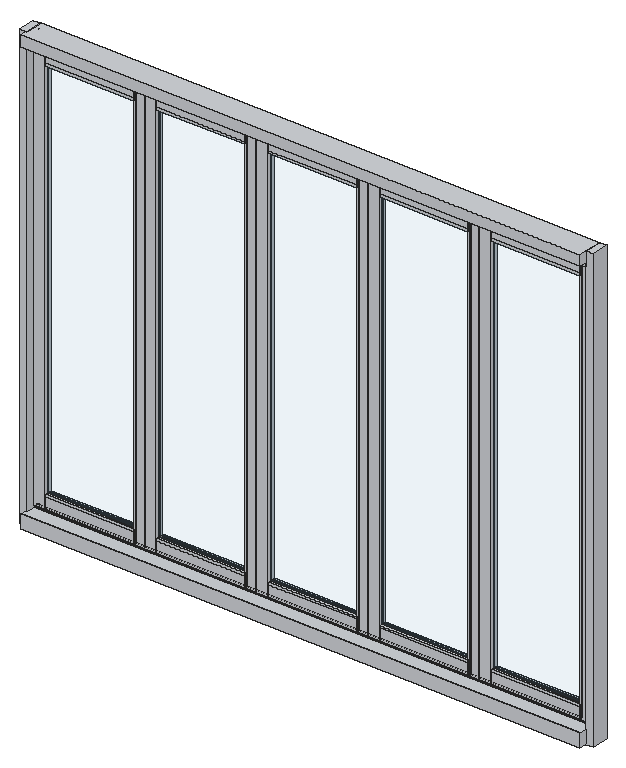
Revit family "MT-HB_BIFOLD DOOR_XXXXX", category Doors, host Wall, Revit 2017 (continued)
Definition of nested family "DETAIL_HB3_TRACK"
  Lines and regions (mm)
    detail lines, in view "Ref. Level"
      curve 66: line (57.173, -19.609, 0) -> (56.767, -20.188, 0)
      curve 67: line (56.767, -20.188, 0) -> (54.43, -20.6, 0)
      curve 68: line (54.43, -20.6, 0) -> (41.2, -20.6, 0)
      curve 69: line (39.2, -22.6, 0) -> (39.2, -60.597, 0)
      curve 70: line (53.6, -60.659, 0) -> (53.6, -59.1, 0)
      curve 71: line (54.6, -58.1, 0) -> (55.1, -58.1, 0)
      curve 72: line (56.1, -59.1, 0) -> (56.1, -64.3, 0)
      curve 73: line (55.1, -65.3, 0) -> (54.478, -65.3, 0)
      curve 74: line (54.078, -65.7, 0) -> (54.078, -66.697, 0)
      curve 75: line (53.679, -67.096, 0) -> (52.181, -67.096, 0)
      curve 76: line (52.181, -66.098, 0) -> (52.78, -66.098, 0)
      curve 77: line (52.78, -66.098, 0) -> (52.78, -64.8, 0)
      curve 78: line (52.78, -64.8, 0) -> (47.39, -64.8, 0)
      curve 79: line (47.39, -64.8, 0) -> (47.39, -66.098, 0)
      curve 80: line (47.39, -66.098, 0) -> (47.989, -66.098, 0)
      curve 81: line (47.989, -67.096, 0) -> (46.491, -67.096, 0)
      curve 82: line (46.092, -66.697, 0) -> (46.092, -65.7, 0)
      curve 83: line (45.692, -65.3, 0) -> (39.084, -65.3, 0)
      curve 84: line (38.601, -65.671, 0) -> (38.263, -66.929, 0)
      curve 85: line (37.78, -67.3, 0) -> (37.6, -67.3, 0)
      curve 86: line (36.6, -66.3, 0) -> (36.6, -65.68, 0)
      curve 87: line (36.6, -65.68, 0) -> (36.839, -65.364, 0)
      curve 88: line (36.839, -65.364, 0) -> (36.9, -20.99, 0)
      curve 89: line (36.9, -20.99, 0) -> (36.657, -20.66, 0)
      curve 90: line (36.657, -20.66, 0) -> (36.6, -17.1, 0)
      curve 91: line (37.1, -16.6, 0) -> (39.1, -16.6, 0)
      curve 92: line (40.1, -17.6, 0) -> (51.893, -17.6, 0)
      curve 93: line (52.246, -17.454, 0) -> (52.954, -16.746, 0)
      curve 94: line (53.307, -16.6, 0) -> (56.101, -16.6, 0)
      curve 95: line (57.14, -16, 0) -> (78.06, -16, 0)
      curve 96: line (79.099, -16.6, 0) -> (81.893, -16.6, 0)
      curve 97: line (82.246, -16.746, 0) -> (82.954, -17.454, 0)
      curve 98: line (83.307, -17.6, 0) -> (95, -17.6, 0)
      curve 99: line (96, -16.6, 0) -> (96, -10.1, 0)
      curve 100: line (95.5, -9.6, 0) -> (94.224, -9.6, 0)
      curve 101: line (93.741, -9.971, 0) -> (93.403, -11.229, 0)
      curve 102: line (92.92, -11.6, 0) -> (92.49, -11.6, 0)
      curve 103: line (92.001, -11.204, 0) -> (91.592, -9.289, 0)
      curve 104: line (92.33, -7.799, 0) -> (94.58, -6.5, 0)
      curve 105: line (94.58, -6.5, 0) -> (97.6, -6.5, 0)
      curve 106: line (98.6, -7.5, 0) -> (98.6, -64.3, 0)
      curve 107: line (97.6, -65.3, 0) -> (91.4, -65.3, 0)
      curve 108: line (91.2, -65.5, 0) -> (91.2, -74.293, 0)
      curve 109: line (91.054, -74.646, 0) -> (90.546, -75.154, 0)
      curve 110: line (89.6, -74.8, 0) -> (89.6, -67.496, 0)
      curve 111: line (89.2, -67.096, 0) -> (87.181, -67.096, 0)
      curve 112: line (87.181, -66.098, 0) -> (87.78, -66.098, 0)
      curve 113: line (87.78, -66.098, 0) -> (87.78, -64.8, 0)
      curve 114: line (87.78, -64.8, 0) -> (82.39, -64.8, 0)
      curve 115: line (82.39, -64.8, 0) -> (82.39, -66.098, 0)
      curve 116: line (82.39, -66.098, 0) -> (82.989, -66.098, 0)
      curve 117: line (82.989, -67.096, 0) -> (81.491, -67.096, 0)
      curve 118: line (81.092, -66.697, 0) -> (81.092, -65.7, 0)
      curve 119: line (80.692, -65.3, 0) -> (80.1, -65.3, 0)
      curve 120: line (79.1, -64.3, 0) -> (79.1, -59.1, 0)
      curve 121: line (80.1, -58.1, 0) -> (80.6, -58.1, 0)
      curve 122: line (81.6, -59.1, 0) -> (81.6, -60.659, 0)
      curve 123: line (96, -60.597, 0) -> (96, -22.6, 0)
      curve 124: line (94, -20.6, 0) -> (80.77, -20.6, 0)
      curve 125: line (80.77, -20.6, 0) -> (78.433, -20.188, 0)
      curve 126: line (78.433, -20.188, 0) -> (78.027, -19.609, 0)
      curve 127: line (78.027, -19.609, 0) -> (77.633, -19.539, 0)
      curve 128: line (77.633, -19.539, 0) -> (77.054, -19.945, 0)
      curve 129: line (77.054, -19.945, 0) -> (75.912, -19.743, 0)
      curve 130: line (74.97, -19, 0) -> (68.229, -19, 0)
      curve 131: line (68.016, -18.912, 0) -> (67.812, -18.708, 0)
      curve 132: line (55.6, -73.2, 0) -> (45.6, -73.2, 0)
      curve 133: line (45.6, -73.2, 0) -> (45.6, -67.2, 0)
      curve 134: line (45.6, -67.2, 0) -> (55.6, -67.2, 0)
      curve 135: line (55.6, -67.2, 0) -> (55.6, -73.2, 0)
      curve 136: line (52.534, -65.179, 0) -> (47.753, -65.179, 0)
      curve 137: line (47.753, -65.179, 0) -> (47.753, -65.874, 0)
      curve 138: line (47.753, -65.874, 0) -> (52.534, -65.874, 0)
      curve 139: line (52.534, -65.874, 0) -> (52.534, -65.179, 0)
      curve 140: line (51.57, -65.874, 0) -> (51.631, -67.092, 0)
      curve 141: line (51.95, -73.324, 0) -> (52.201, -78.41, 0)
      curve 142: line (51.017, -65.874, 0) -> (51.02, -67.092, 0)
      curve 143: line (51.058, -73.324, 0) -> (51.071, -78.41, 0)
      curve 144: line (50.464, -65.874, 0) -> (50.467, -67.092, 0)
      curve 145: line (50.505, -73.324, 0) -> (50.517, -78.41, 0)
      curve 146: line (49.911, -65.874, 0) -> (49.914, -67.092, 0)
      curve 147: line (49.952, -73.324, 0) -> (49.964, -78.41, 0)
      curve 148: line (49.358, -65.874, 0) -> (49.361, -67.092, 0)
      curve 149: line (49.399, -73.324, 0) -> (49.411, -78.41, 0)
      curve 150: line (48.841, -65.874, 0) -> (48.802, -67.092, 0)
      curve 151: line (48.635, -73.324, 0) -> (48.474, -78.41, 0)
      curve 152: line (87.521, -65.116, 0) -> (82.74, -65.116, 0)
      curve 153: line (82.74, -65.116, 0) -> (82.74, -65.811, 0)
      curve 154: line (82.74, -65.811, 0) -> (87.521, -65.811, 0)
      curve 155: line (87.521, -65.811, 0) -> (87.521, -65.116, 0)
      curve 156: line (86.558, -65.811, 0) -> (87.169, -78.179, 0)
      curve 157: line (86.005, -65.811, 0) -> (86.035, -78.179, 0)
      curve 158: line (85.452, -65.811, 0) -> (85.482, -78.179, 0)
      curve 159: line (84.899, -65.811, 0) -> (84.929, -78.179, 0)
      curve 160: line (84.345, -65.811, 0) -> (84.376, -78.179, 0)
      curve 161: line (83.828, -65.811, 0) -> (83.436, -78.179, 0)
      curve 162: line (92.284, -61.58, 0) -> (84.916, -61.58, 0)
      curve 163: line (50.284, -61.58, 0) -> (42.916, -61.58, 0)
      curve 164: arc (84.916, -21.92, 0) -> (88.6, -21.75, 0) -> (92.284, -21.92, 0) r 40
      curve 165: arc (83.1, -23.912, 0) -> (83.622, -22.564, 0) -> (84.916, -21.92, 0) r 2
      curve 166: arc (84.916, -61.58, 0) -> (83.622, -60.936, 0) -> (83.1, -59.589, 0) r 2
      curve 167: arc (94.1, -59.589, 0) -> (93.578, -60.936, 0) -> (92.284, -61.58, 0) r 2
      curve 168: arc (92.284, -21.92, 0) -> (93.578, -22.564, 0) -> (94.1, -23.912, 0) r 2
      curve 169: arc (42.916, -21.92, 0) -> (46.6, -21.75, 0) -> (50.284, -21.92, 0) r 40
      curve 170: arc (41.1, -23.912, 0) -> (41.622, -22.564, 0) -> (42.916, -21.92, 0) r 2
      curve 171: arc (42.916, -61.58, 0) -> (41.622, -60.936, 0) -> (41.1, -59.589, 0) r 2
      curve 172: arc (52.1, -59.589, 0) -> (51.578, -60.936, 0) -> (50.284, -61.58, 0) r 2
      curve 173: arc (50.284, -21.92, 0) -> (51.578, -22.564, 0) -> (52.1, -23.912, 0) r 2
      curve 174: arc (52.1, -45.363, 0) -> (52.79, -45.505, 0) -> (53.1, -46.137, 0) r 0.8
      curve 175: arc (53.1, -37.363, 0) -> (52.79, -37.995, 0) -> (52.1, -38.137, 0) r 0.8
      curve 176: arc (82.1, -46.137, 0) -> (82.41, -45.505, 0) -> (83.1, -45.363, 0) r 0.8
      curve 177: arc (83.1, -38.137, 0) -> (82.41, -37.995, 0) -> (82.1, -37.363, 0) r 0.8
      curve 178: arc (61.1, -77.75, 0) -> (60.746, -77.604, 0) -> (60.6, -77.25, 0) r 0.5
      curve 179: arc (74.6, -77.25, 0) -> (74.454, -77.604, 0) -> (74.1, -77.75, 0) r 0.5
      curve 180: arc (59.523, -57.55, 0) -> (59.769, -57.21, 0) -> (60.1, -56.951, 0) r 1.5
      curve 181: arc (75.1, -56.951, 0) -> (75.431, -57.21, 0) -> (75.677, -57.55, 0) r 1.5
      curve 182: arc (60.35, -118.55, 0) -> (59.996, -118.404, 0) -> (59.85, -118.05, 0) r 0.5
      curve 183: arc (75.35, -118.05, 0) -> (75.204, -118.404, 0) -> (74.85, -118.55, 0) r 0.5
      curve 184: arc (59.85, -113.75, 0) -> (59.996, -113.396, 0) -> (60.35, -113.25, 0) r 0.5
      curve 185: arc (74.85, -113.25, 0) -> (75.204, -113.396, 0) -> (75.35, -113.75, 0) r 0.5
      curve 186: arc (59.85, -154.45, 0) -> (59.996, -154.096, 0) -> (60.35, -153.95, 0) r 0.5
      curve 187: arc (74.85, -153.95, 0) -> (75.204, -154.096, 0) -> (75.35, -154.45, 0) r 0.5
      curve 188: arc (60.35, -159.25, 0) -> (59.996, -159.104, 0) -> (59.85, -158.75, 0) r 0.5
      curve 189: arc (75.35, -158.75, 0) -> (75.204, -159.104, 0) -> (74.85, -159.25, 0) r 0.5
      curve 190: circle (67.6, -41.75, 0) r 6.678 normal (0, 0, -1)
      curve 191: circle (67.6, -41.75, 0) r 6.75 normal (0, 0, -1)
      curve 192: circle (67.6, -41.75, 0) r 5.735 normal (0, 0, -1)
      curve 193: circle (67.6, -41.75, 0) r 5.499 normal (0, 0, -1)
      curve 194: arc (72.868, -35.729, 0) -> (75.6, -41.75, 0) -> (72.868, -47.771, 0) r 8
      curve 195: arc (62.332, -47.771, 0) -> (59.6, -41.75, 0) -> (62.332, -35.729, 0) r 8
      curve 196: circle (67.6, -41.75, 0) r 2.309 normal (0, 0, -1)
      curve 197: circle (67.6, -41.75, 0) r 3.175 normal (0, 0, -1)
      curve 198: circle (67.6, -41.75, 0) r 4.4 normal (0, 0, -1)
      curve 199: circle (67.6, -41.75, 0) r 4.9 normal (0, 0, -1)
      curve 200: line (60.732, -57.55, 0) -> (60.669, -57.339, 0)
      curve 201: line (60.669, -57.339, 0) -> (60.54, -57.09, 0)
      curve 202: line (60.54, -57.09, 0) -> (60.404, -56.962, 0)
      curve 203: arc (74.465, -57.55, 0) -> (74.593, -57.211, 0) -> (74.844, -56.951, 0) r 0.893
      curve 204: arc (67.6, -197.732, 0) -> (66.587, -198.573, 0) -> (65.3, -198.85, 0) r 2.762
      curve 205: arc (69.9, -197.25, 0) -> (69.09, -197.016, 0) -> (68.552, -196.367, 0) r 1.433
      curve 206: arc (69.9, -198.85, 0) -> (68.351, -198.419, 0) -> (67.247, -197.25, 0) r 3
      curve 207: arc (67.247, -197.25, 0) -> (66.988, -196.571, 0) -> (66.9, -195.85, 0) r 3
      curve 208: line (61.301, -197.25, 0) -> (60.934, -196.886, 0)
      curve 209: line (60.934, -196.886, 0) -> (60.294, -196.25, 0)
      curve 210: line (74.906, -196.25, 0) -> (74.266, -196.886, 0)
      curve 211: line (74.266, -196.886, 0) -> (73.899, -197.25, 0)
      curve 212: line (60.356, -56.951, 0) -> (60.055, -57.189, 0)
      curve 213: line (60.055, -57.189, 0) -> (59.825, -57.5, 0)
      curve 214: line (74.844, -56.951, 0) -> (75.145, -57.189, 0)
      curve 215: line (75.145, -57.189, 0) -> (75.375, -57.5, 0)
      curve 216: line (83.1, -27.95, 0) -> (74.1, -27.95, 0)
      curve 217: line (74.1, -27.95, 0) -> (73.6, -28.45, 0)
      curve 218: line (73.6, -28.45, 0) -> (73.6, -33.25, 0)
      curve 219: line (94.1, -36.45, 0) -> (95.1, -36.45, 0)
      curve 220: line (95.1, -36.45, 0) -> (95.6, -35.95, 0)
      curve 221: line (95.6, -35.95, 0) -> (95.6, -28.45, 0)
      curve 222: line (95.6, -28.45, 0) -> (95.1, -27.95, 0)
      curve 223: line (95.1, -27.95, 0) -> (94.1, -27.95, 0)
      curve 224: line (39.6, -35.95, 0) -> (40.1, -36.45, 0)
      curve 225: line (40.1, -36.45, 0) -> (41.1, -36.45, 0)
      curve 226: line (61.6, -33.25, 0) -> (61.6, -28.45, 0)
      curve 227: line (61.6, -28.45, 0) -> (61.1, -27.95, 0)
      curve 228: line (61.1, -27.95, 0) -> (52.1, -27.95, 0)
      curve 229: line (41.1, -27.95, 0) -> (40.1, -27.95, 0)
      curve 230: line (40.1, -27.95, 0) -> (39.6, -28.45, 0)
      curve 231: line (39.6, -28.45, 0) -> (39.6, -35.95, 0)
      curve 232: line (39.6, -35.95, 0) -> (41.1, -35.95, 0)
      curve 233: line (78.1, -57.55, 0) -> (57.1, -57.55, 0)
      curve 234: line (57.1, -57.55, 0) -> (56.6, -58.05, 0)
      curve 235: line (56.6, -58.05, 0) -> (56.6, -65.55, 0)
      curve 236: line (56.6, -65.55, 0) -> (57.1, -66.05, 0)
      curve 237: line (57.1, -66.05, 0) -> (67.6, -66.05, 0)
      curve 238: line (67.6, -66.05, 0) -> (78.1, -66.05, 0)
      curve 239: line (78.1, -66.05, 0) -> (78.6, -65.55, 0)
      curve 240: line (78.6, -65.55, 0) -> (78.6, -58.05, 0)
      curve 241: line (78.6, -58.05, 0) -> (78.1, -57.55, 0)
      curve 242: line (73.1, -57.55, 0) -> (73.1, -55.75, 0)
      curve 243: line (73.1, -55.75, 0) -> (72.6, -55.25, 0)
      curve 244: line (72.6, -55.25, 0) -> (73.177, -54.25, 0)
      curve 245: line (62.023, -54.25, 0) -> (62.6, -55.25, 0)
      curve 246: line (62.6, -55.25, 0) -> (62.1, -55.75, 0)
      curve 247: line (62.1, -55.75, 0) -> (62.1, -57.55, 0)
      curve 248: line (83.1, -35, 0) -> (82.6, -35, 0)
      curve 249: line (82.6, -35, 0) -> (82.1, -35.5, 0)
      curve 250: line (82.1, -48, 0) -> (82.6, -48.5, 0)
      curve 251: line (82.6, -48.5, 0) -> (83.1, -48.5, 0)
      curve 252: line (52.1, -48.5, 0) -> (52.6, -48.5, 0)
      curve 253: line (52.6, -48.5, 0) -> (53.1, -48, 0)
      curve 254: line (53.1, -35.5, 0) -> (52.6, -35, 0)
      curve 255: line (52.6, -35, 0) -> (52.1, -35, 0)
      curve 256: line (53.1, -33.75, 0) -> (53.1, -49.75, 0)
      curve 257: line (53.1, -49.75, 0) -> (53.6, -50.25, 0)
      curve 258: line (53.6, -50.25, 0) -> (81.6, -50.25, 0)
      curve 259: line (81.6, -50.25, 0) -> (82.1, -49.75, 0)
      curve 260: line (82.1, -49.75, 0) -> (82.1, -33.75, 0)
      curve 261: line (82.1, -33.75, 0) -> (81.6, -33.25, 0)
      curve 262: line (81.6, -33.25, 0) -> (53.6, -33.25, 0)
      curve 263: line (53.6, -33.25, 0) -> (53.1, -33.75, 0)
      curve 264: line (60.4, -66.05, 0) -> (60.6, -66.25, 0)
      curve 265: line (60.6, -66.25, 0) -> (60.6, -77.25, 0)
      curve 266: line (60.6, -77.25, 0) -> (67.6, -77.25, 0)
      curve 267: line (67.6, -77.25, 0) -> (74.6, -77.25, 0)
      curve 268: line (74.6, -77.25, 0) -> (74.6, -66.25, 0)
      curve 269: line (74.6, -66.25, 0) -> (74.8, -66.05, 0)
      curve 270: line (60.1, -54.25, 0) -> (60.1, -56.951, 0)
      curve 271: line (60.1, -56.951, 0) -> (60.356, -56.951, 0)
      curve 272: line (74.844, -56.951, 0) -> (75.1, -56.951, 0)
      curve 273: line (75.1, -56.951, 0) -> (75.1, -54.25, 0)
      curve 274: line (75.126, -113.75, 0) -> (59.85, -113.75, 0)
      curve 275: line (59.85, -113.75, 0) -> (59.85, -118.05, 0)
      curve 276: line (59.85, -118.05, 0) -> (75.126, -118.05, 0)
      curve 277: line (75.126, -118.05, 0) -> (75.35, -118.05, 0)
      curve 278: line (75.35, -118.05, 0) -> (75.35, -113.75, 0)
      curve 279: line (75.35, -113.75, 0) -> (75.126, -113.75, 0)
      curve 280: line (59.85, -154.45, 0) -> (59.85, -158.75, 0)
      curve 281: line (59.85, -158.75, 0) -> (75.35, -158.75, 0)
      curve 282: line (75.35, -158.75, 0) -> (75.35, -154.45, 0)
      curve 283: line (75.35, -154.45, 0) -> (59.85, -154.45, 0)
      curve 284: line (75.5, -153.95, 0) -> (75.5, -118.55, 0)
      curve 285: line (75.5, -118.55, 0) -> (75.45, -113.25, 0)
      curve 286: line (71.6, -33.25, 0) -> (72.1, -32.75, 0)
      curve 287: line (72.1, -32.75, 0) -> (72.1, -32.25, 0)
      curve 288: line (72.1, -32.25, 0) -> (63.1, -32.25, 0)
      curve 289: line (63.1, -32.25, 0) -> (63.1, -32.75, 0)
      curve 290: line (63.1, -32.75, 0) -> (63.6, -33.25, 0)
      curve 291: line (60.95, -196.902, 0) -> (60.95, -198.85, 0)
      curve 292: line (60.95, -198.85, 0) -> (65.3, -198.85, 0)
      curve 293: line (69.9, -198.85, 0) -> (74.25, -198.85, 0)
      curve 294: line (74.25, -198.85, 0) -> (74.25, -197.25, 0)
      curve 295: line (74.25, -197.25, 0) -> (69.9, -197.25, 0)
      curve 296: line (66.8, -196.25, 0) -> (66.8, -186.45, 0)
      curve 297: line (66.8, -186.45, 0) -> (60.25, -186.45, 0)
      curve 298: line (60.25, -186.45, 0) -> (60.25, -196.25, 0)
      curve 299: line (60.25, -196.25, 0) -> (66.8, -196.25, 0)
      curve 300: line (66.8, -196.25, 0) -> (66.8, -197.25, 0)
      curve 301: line (66.8, -197.25, 0) -> (61.301, -197.25, 0)
      curve 302: line (72.35, -86.25, 0) -> (72.35, -77.75, 0)
      curve 303: line (62.85, -77.75, 0) -> (62.85, -86.25, 0)
      curve 304: line (94.1, -35.95, 0) -> (95.6, -35.95, 0)
      curve 305: line (83.1, -28.45, 0) -> (73.6, -28.45, 0)
      curve 306: line (95.6, -28.45, 0) -> (94.1, -28.45, 0)
      curve 307: line (41.1, -28.45, 0) -> (39.6, -28.45, 0)
      curve 308: line (61.6, -28.45, 0) -> (52.1, -28.45, 0)
      curve 309: line (78.6, -58.05, 0) -> (56.6, -58.05, 0)
      curve 310: line (56.6, -65.55, 0) -> (67.6, -65.55, 0)
      curve 311: line (67.6, -65.55, 0) -> (78.6, -65.55, 0)
      curve 312: line (73.1, -55.75, 0) -> (62.1, -55.75, 0)
      curve 313: line (62.6, -55.25, 0) -> (72.6, -55.25, 0)
      curve 314: line (72.6, -55.25, 0) -> (62.6, -55.25, 0)
      curve 315: line (70.614, -42.526, 0) -> (70.816, -42.585, 0)
      curve 316: line (70.816, -40.915, 0) -> (70.633, -40.969, 0)
      curve 317: line (69.931, -44.118, 0) -> (69.797, -43.99, 0)
      curve 318: line (66.761, -38.737, 0) -> (66.715, -38.547, 0)
      curve 319: line (65.415, -43.979, 0) -> (65.269, -44.118, 0)
      curve 320: line (66.715, -44.953, 0) -> (66.765, -44.748, 0)
      curve 321: line (68.485, -38.547, 0) -> (68.436, -38.75, 0)
      curve 322: line (69.801, -39.506, 0) -> (69.931, -39.382, 0)
      curve 323: line (64.583, -40.973, 0) -> (64.384, -40.915, 0)
      curve 324: line (83.1, -59.589, 0) -> (83.1, -23.912, 0)
      curve 325: line (94.1, -23.912, 0) -> (94.1, -59.589, 0)
      curve 326: line (82.6, -38.104, 0) -> (82.6, -35, 0)
      curve 327: line (82.6, -35, 0) -> (82.6, -48.5, 0)
      curve 328: line (82.6, -48.5, 0) -> (82.6, -45.396, 0)
      curve 329: line (52.6, -38.104, 0) -> (52.6, -35, 0)
      curve 330: line (52.6, -35, 0) -> (52.6, -48.5, 0)
      curve 331: line (52.6, -48.5, 0) -> (52.6, -45.396, 0)
      curve 332: line (41.1, -59.589, 0) -> (41.1, -23.912, 0)
      curve 333: line (52.1, -23.912, 0) -> (52.1, -59.589, 0)
      curve 334: line (53.6, -50.25, 0) -> (53.6, -33.25, 0)
      curve 335: line (53.6, -33.25, 0) -> (53.6, -50.25, 0)
      curve 336: line (72.868, -47.771, 0) -> (70.652, -47.771, 0)
      curve 337: line (64.548, -47.771, 0) -> (62.332, -47.771, 0)
      curve 338: line (62.332, -35.729, 0) -> (64.548, -35.729, 0)
      curve 339: line (70.652, -35.729, 0) -> (72.868, -35.729, 0)
      curve 340: line (81.6, -33.25, 0) -> (81.6, -50.25, 0)
      curve 341: line (81.6, -50.25, 0) -> (81.6, -33.25, 0)
      curve 342: line (59.1, -54.25, 0) -> (59.1, -51.25, 0)
      curve 343: line (59.1, -51.25, 0) -> (65.1, -51.25, 0)
      curve 344: line (65.1, -51.25, 0) -> (65.1, -54.25, 0)
      curve 345: line (65.1, -54.25, 0) -> (59.1, -54.25, 0)
      curve 346: line (70.1, -54.25, 0) -> (70.1, -51.25, 0)
      curve 347: line (70.1, -51.25, 0) -> (76.1, -51.25, 0)
      curve 348: line (76.1, -51.25, 0) -> (76.1, -54.25, 0)
      curve 349: line (76.1, -54.25, 0) -> (70.1, -54.25, 0)
      curve 350: line (70.1, -54.25, 0) -> (65.1, -54.25, 0)
      curve 351: line (70.1, -51.25, 0) -> (65.1, -51.25, 0)
      curve 352: line (59.1, -51.25, 0) -> (59.1, -50.25, 0)
      curve 353: line (76.1, -51.25, 0) -> (76.1, -50.25, 0)
      curve 354: line (74.6, -66.25, 0) -> (60.6, -66.25, 0)
      curve 355: line (74.1, -77.75, 0) -> (67.6, -77.75, 0)
      curve 356: line (67.6, -77.75, 0) -> (61.1, -77.75, 0)
      curve 357: line (75.45, -159.25, 0) -> (60.009, -159.25, 0)
      curve 358: line (60.009, -159.25, 0) -> (60.009, -186.25, 0)
      curve 359: line (60.009, -186.25, 0) -> (66.4, -186.25, 0)
      curve 360: line (66.8, -186.45, 0) -> (66.8, -186.25, 0)
      curve 361: line (66.8, -186.25, 0) -> (66.4, -186.25, 0)
      curve 362: line (66.4, -186.25, 0) -> (66.4, -182.75, 0)
      curve 363: line (66.4, -182.75, 0) -> (68.8, -182.75, 0)
      curve 364: line (68.8, -182.75, 0) -> (68.8, -186.25, 0)
      curve 365: line (68.8, -186.25, 0) -> (75.45, -186.25, 0)
      curve 366: line (75.45, -186.25, 0) -> (75.45, -159.25, 0)
      curve 367: line (75.45, -159.25, 0) -> (75.45, -153.95, 0)
      curve 368: line (75.45, -153.95, 0) -> (59.927, -153.95, 0)
      curve 369: line (59.927, -153.95, 0) -> (59.927, -118.55, 0)
      curve 370: line (59.927, -118.55, 0) -> (75.5, -118.55, 0)
      curve 371: line (75.45, -86.25, 0) -> (68.8, -86.25, 0)
      curve 372: line (68.8, -86.25, 0) -> (68.8, -89.75, 0)
      curve 373: line (68.8, -89.75, 0) -> (66.4, -89.75, 0)
      curve 374: line (66.4, -89.75, 0) -> (66.4, -86.25, 0)
      curve 375: line (66.4, -86.25, 0) -> (60.009, -86.25, 0)
      curve 376: line (60.009, -86.25, 0) -> (60.009, -113.25, 0)
      curve 377: line (60.009, -113.25, 0) -> (75.45, -113.25, 0)
      curve 378: line (75.45, -113.25, 0) -> (75.45, -86.25, 0)
      curve 379: line (63.1, -32.75, 0) -> (72.1, -32.75, 0)
      curve 380: line (66.9, -191.911, 0) -> (66.8, -192.084, 0)
      curve 381: line (66.9, -195.85, 0) -> (66.8, -184.25, 0)
      curve 382: line (66.8, -184.25, 0) -> (66.958, -184.398, 0)
      curve 383: line (66.958, -184.398, 0) -> (66.8, -184.366, 0)
      curve 384: line (66.8, -184.366, 0) -> (68.4, -184.25, 0)
      curve 385: line (68.4, -184.25, 0) -> (68.4, -197.25, 0)
      curve 386: line (68.4, -197.25, 0) -> (67.247, -197.25, 0)
      curve 387: line (67.247, -197.25, 0) -> (66.8, -197.25, 0)
      curve 388: line (66.9, -184.25, 0) -> (66.9, -182.75, 0)
      curve 389: line (66.9, -182.75, 0) -> (66.8, -186.25, 0)
      curve 390: line (68.4, -186.45, 0) -> (74.906, -186.45, 0)
      curve 391: line (74.906, -186.45, 0) -> (74.906, -196.25, 0)
      curve 392: line (74.906, -196.25, 0) -> (68.4, -196.25, 0)
      curve 393: line (68.4, -186.25, 0) -> (68.8, -186.25, 0)
      curve 394: line (68.4, -182.75, 0) -> (68.4, -184.25, 0)
      curve 395: line (84.916, -35, 0) -> (84.916, -21.92, 0)
      curve 396: line (84.916, -21.92, 0) -> (84.916, -61.58, 0)
      curve 397: line (84.916, -61.58, 0) -> (84.916, -48.5, 0)
      curve 398: line (92.284, -45.75, 0) -> (92.284, -61.58, 0)
      curve 399: line (92.284, -61.58, 0) -> (92.284, -21.92, 0)
      curve 400: line (92.284, -21.92, 0) -> (92.284, -37.75, 0)
      curve 401: line (50.284, -35, 0) -> (50.284, -21.92, 0)
      curve 402: line (50.284, -21.92, 0) -> (50.284, -61.58, 0)
      curve 403: line (50.284, -61.58, 0) -> (50.284, -48.5, 0)
      curve 404: line (42.916, -45.75, 0) -> (42.916, -61.58, 0)
      curve 405: line (42.916, -61.58, 0) -> (42.916, -21.92, 0)
      curve 406: line (42.916, -21.92, 0) -> (42.916, -37.75, 0)
      curve 407: line (9.728, -91.356, 0) -> (9.728, -82.237, 0)
      curve 408: line (9.728, -82.237, 0) -> (7.732, -82.237, 0)
      curve 409: line (7.732, -82.237, 0) -> (7.023, -83, 0)
      curve 410: line (7.023, -83, 0) -> (5.284, -80.3, 0)
      curve 411: line (5.284, -80.3, 0) -> (14.815, -80.3, 0)
      curve 412: line (14.815, -80.3, 0) -> (14.815, -91.356, 0)
      curve 413: line (14.815, -91.356, 0) -> (9.728, -91.356, 0)
      curve 414: line (11.982, -88.866, 0) -> (11.982, -80.3, 0)
Definition of nested family "DETAIL_HB_DETAIL 5"
  Reference planes
    plane 1 "Center (Front/Back)": y = 0
    plane 2: z = 0
    plane 3 "Center (Left/Right)": x = 0
  Lines and regions (mm)
    model lines, in view "Ref. Level"
      curve 1: line (1.402, -26.162, 0) -> (7.92, -26.162, 0)
      curve 2: line (7.92, -26.162, 0) -> (7.92, -26.902, 0)
      curve 3: line (7.92, -26.902, 0) -> (1.402, -26.902, 0)
      curve 4: line (1.402, -26.902, 0) -> (1.402, -26.162, 0)
      curve 5: line (4.661, -26.162, 0) -> (4.661, -22.5, 0)
      curve 6: line (4.129, -26.162, 0) -> (3.938, -22.5, 0)
      curve 7: line (3.482, -26.162, 0) -> (3.158, -22.5, 0)
      curve 8: line (2.788, -26.162, 0) -> (2.369, -22.5, 0)
      curve 9: line (5.239, -26.162, 0) -> (5.435, -22.5, 0)
      curve 10: line (5.886, -26.162, 0) -> (6.344, -22.5, 0)
      curve 11: line (6.625, -26.162, 0) -> (7.422, -22.5, 0)
      curve 12: line (-5.585, 18.963, 0) -> (3.836, 18.963, 0)
      curve 13: line (-5.585, 19.309, 0) -> (3.836, 19.545, 0)
      curve 14: line (-5.585, 19.559, 0) -> (3.836, 19.961, 0)
      curve 15: line (-5.585, 18.708, 0) -> (3.836, 18.47, 0)
      curve 16: line (-5.585, 18.455, 0) -> (3.836, 18.041, 0)
      curve 17: line (-7.951, 18.128, 0) -> (-5.62, 18.128, 0)
      curve 18: line (-5.62, 18.128, 0) -> (-5.62, 19.732, 0)
      curve 19: line (-5.62, 19.732, 0) -> (-7.951, 19.732, 0)
      curve 20: line (-7.951, 19.732, 0) -> (-7.951, 18.128, 0)
      curve 21: arc (-5, -18.2, 0) -> (-5.141, -18.141, 0) -> (-5.2, -18, 0) r 0.2
      curve 22: arc (-5.2, -17.9, 0) -> (-5.259, -17.759, 0) -> (-5.4, -17.7, 0) r 0.2
      curve 23: arc (-7.9, -17.7, 0) -> (-8.254, -17.846, 0) -> (-8.4, -18.2, 0) r 0.5
      curve 24: arc (-8.4, -19.5, 0) -> (-8.195, -19.995, 0) -> (-7.7, -20.2, 0) r 0.7
      curve 25: arc (-4.2, -20.2, 0) -> (-4.059, -20.259, 0) -> (-4, -20.4, 0) r 0.2
      curve 26: arc (-4, -24.4, 0) -> (-4.059, -24.541, 0) -> (-4.2, -24.6, 0) r 0.2
      curve 27: arc (-11.1, -24.6, 0) -> (-11.241, -24.541, 0) -> (-11.3, -24.4, 0) r 0.2
      curve 28: arc (-11.3, -23, 0) -> (-11.446, -22.646, 0) -> (-11.8, -22.5, 0) r 0.5
      curve 29: arc (-13.3, -22.5, 0) -> (-13.654, -22.646, 0) -> (-13.8, -23, 0) r 0.5
      curve 30: arc (-13.8, -25.4, 0) -> (-13.507, -26.107, 0) -> (-12.8, -26.4, 0) r 1
      curve 31: arc (-1.1, -26.4, 0) -> (-0.746, -26.546, 0) -> (-0.6, -26.9, 0) r 0.5
      curve 32: arc (-0.6, -27.9, 0) -> (-0.454, -28.254, 0) -> (-0.1, -28.4, 0) r 0.5
      curve 33: arc (9.4, -28.4, 0) -> (9.754, -28.254, 0) -> (9.9, -27.9, 0) r 0.5
      curve 34: arc (9.9, -25.6, 0) -> (9.607, -24.893, 0) -> (8.9, -24.6, 0) r 1
      curve 35: arc (7.585, -24.6, 0) -> (6.95, -25.235, 0) -> (7.585, -25.87, 0) r 0.635
      curve 36: arc (7.765, -25.87, 0) -> (8.4, -26.505, 0) -> (7.765, -27.14, 0) r 0.635
      curve 37: arc (1.535, -27.14, 0) -> (0.9, -26.505, 0) -> (1.535, -25.87, 0) r 0.635
      curve 38: arc (1.715, -25.87, 0) -> (2.35, -25.235, 0) -> (1.715, -24.6, 0) r 0.635
      curve 39: arc (-1.5, -24.6, 0) -> (-1.854, -24.454, 0) -> (-2, -24.1, 0) r 0.5
      curve 40: arc (-2, -15.9, 0) -> (-2.059, -15.759, 0) -> (-2.2, -15.7, 0) r 0.2
      curve 41: arc (-3.8, -15.7, 0) -> (-3.941, -15.759, 0) -> (-4, -15.9, 0) r 0.2
      curve 42: arc (-4, -18, 0) -> (-4.059, -18.141, 0) -> (-4.2, -18.2, 0) r 0.2
      curve 43: line (-5.4, -17.7, 0) -> (-7.9, -17.7, 0)
      curve 44: line (-8.4, -18.2, 0) -> (-8.4, -19.5, 0)
      curve 45: line (-7.7, -20.2, 0) -> (-4.2, -20.2, 0)
      curve 46: line (-4, -20.4, 0) -> (-4, -24.4, 0)
      curve 47: line (-4.2, -24.6, 0) -> (-11.1, -24.6, 0)
      curve 48: line (-11.3, -24.4, 0) -> (-11.3, -23, 0)
      curve 49: line (-11.8, -22.5, 0) -> (-13.3, -22.5, 0)
      curve 50: line (-13.8, -23, 0) -> (-13.8, -25.4, 0)
      curve 51: line (-12.8, -26.4, 0) -> (-1.1, -26.4, 0)
      curve 52: line (-0.6, -26.9, 0) -> (-0.6, -27.9, 0)
      curve 53: line (-0.1, -28.4, 0) -> (9.4, -28.4, 0)
      curve 54: line (9.9, -27.9, 0) -> (9.9, -25.6, 0)
      curve 55: line (8.9, -24.6, 0) -> (7.585, -24.6, 0)
      curve 56: line (7.585, -25.87, 0) -> (7.765, -25.87, 0)
      curve 57: line (7.765, -27.14, 0) -> (1.535, -27.14, 0)
      curve 58: line (1.535, -25.87, 0) -> (1.715, -25.87, 0)
      curve 59: line (1.715, -24.6, 0) -> (-1.5, -24.6, 0)
      curve 60: line (-2, -24.1, 0) -> (-2, -19.35, 0)
      curve 61: line (-2, -19.35, 0) -> (-2.5, -18.85, 0)
      curve 62: line (-2.5, -18.85, 0) -> (-2, -18.35, 0)
      curve 63: line (-2, -18.35, 0) -> (-2, -15.9, 0)
      curve 64: line (-2.2, -15.7, 0) -> (-3.8, -15.7, 0)
      curve 65: line (-4, -15.9, 0) -> (-4, -18, 0)
      curve 66: line (-4.2, -18.2, 0) -> (-5, -18.2, 0)
      curve 67: arc (35.136, 12.499, 0) -> (40.136, 13.839, 0) -> (43.796, 17.499, 0) r 10
      curve 68: arc (24.476, 17.499, 0) -> (28.136, 13.839, 0) -> (33.136, 12.499, 0) r 10
      curve 69: arc (25.686, -4.001, 0) -> (25.979, -4.708, 0) -> (26.686, -5.001, 0) r 1
      curve 70: arc (41.586, -5.001, 0) -> (42.293, -4.708, 0) -> (42.586, -4.001, 0) r 1
      curve 71: arc (37.535, 4.061, 0) -> (34.074, 7.399, 0) -> (30.736, 3.938, 0) r 3.4
      curve 72: line (30.633, -0.353, 0) -> (30.108, 0.578, 0)
      curve 73: line (38.339, 0.653, 0) -> (37.83, -0.288, 0)
      curve 74: line (29.492, 1.829, 0) -> (30.108, 0.578, 0)
      curve 75: line (38.339, 0.653, 0) -> (38.932, 1.915, 0)
      curve 76: line (46.636, 19.999, 0) -> (34.636, 19.999, 0)
      curve 77: line (34.636, 19.999, 0) -> (33.636, 19.999, 0)
      curve 78: line (33.636, 19.999, 0) -> (21.636, 19.999, 0)
      curve 79: line (21.636, 19.999, 0) -> (21.636, 22.499, 0)
      curve 80: line (21.636, 22.499, 0) -> (23.636, 22.499, 0)
      curve 81: line (23.636, 22.499, 0) -> (44.636, 22.499, 0)
      curve 82: line (44.636, 22.499, 0) -> (46.636, 22.499, 0)
      curve 83: line (46.636, 22.499, 0) -> (46.636, 19.999, 0)
      curve 84: line (46.636, 19.999, 0) -> (46.636, 17.499, 0)
      curve 85: line (46.636, 17.499, 0) -> (34.636, 17.499, 0)
      curve 86: line (34.636, 17.499, 0) -> (33.636, 17.499, 0)
      curve 87: line (33.636, 17.499, 0) -> (21.636, 17.499, 0)
      curve 88: line (21.636, 17.499, 0) -> (21.636, 19.999, 0)
      curve 89: line (43.636, 12.499, 0) -> (43.636, 3.978, 0)
      curve 90: line (43.636, 3.978, 0) -> (43.636, 1.499, 0)
      curve 91: line (43.636, 1.499, 0) -> (40.61, 1.499, 0)
      curve 92: line (43.636, 17.231, 0) -> (43.636, 12.499, 0)
      curve 93: line (43.636, 12.499, 0) -> (39.636, 12.499, 0)
      curve 94: line (39.636, 12.499, 0) -> (39.636, 11.499, 0)
      curve 95: line (28.636, 11.499, 0) -> (28.636, 12.499, 0)
      curve 96: line (28.636, 12.499, 0) -> (24.636, 12.499, 0)
      curve 97: line (24.636, 12.499, 0) -> (24.636, 3.978, 0)
      curve 98: line (24.636, 3.978, 0) -> (24.636, 1.499, 0)
      curve 99: line (24.636, 1.499, 0) -> (27.609, 1.499, 0)
      curve 100: line (24.636, 17.231, 0) -> (24.636, 12.499, 0)
      curve 101: line (39.636, 12.499, 0) -> (35.136, 12.499, 0)
      curve 102: line (35.136, 12.499, 0) -> (33.136, 12.499, 0)
      curve 103: line (33.136, 12.499, 0) -> (28.636, 12.499, 0)
      curve 104: line (43.636, 7.174, 0) -> (44.136, 7.174, 0)
      curve 105: line (44.136, 7.174, 0) -> (44.136, 3.824, 0)
      curve 106: line (44.136, 3.824, 0) -> (43.636, 3.824, 0)
      curve 107: line (41.586, -5.001, 0) -> (39.942, -5.001, 0)
      curve 108: line (28.558, -5.001, 0) -> (26.686, -5.001, 0)
      curve 109: line (40.136, 8.002, 0) -> (40.136, 11.499, 0)
      curve 110: line (40.136, 11.499, 0) -> (34.224, 11.499, 0)
      curve 111: line (34.224, 11.499, 0) -> (28.136, 11.499, 0)
      curve 112: line (28.136, 11.499, 0) -> (28.136, 8.079, 0)
      curve 113: line (25.686, -4.001, 0) -> (25.686, 1.499, 0)
      curve 114: line (42.586, -4.001, 0) -> (42.586, 1.499, 0)
      curve 115: line (37.574, 1.903, 0) -> (37.535, 4.061, 0)
      curve 116: line (30.736, 3.938, 0) -> (30.774, 1.841, 0)
      curve 117: line (38.932, 1.915, 0) -> (29.492, 1.829, 0)
      curve 118: arc (29.492, 1.829, 0) -> (34.307, -8.6, 0) -> (38.932, 1.915, 0) r 6.3
      curve 119: arc (37.573, 1.954, 0) -> (34.07, 7.999, 0) -> (30.768, 1.841, 0) r 4
      curve 120: arc (39.332, 1.423, 0) -> (34.031, 9.798, 0) -> (29.036, 1.237, 0) r 5.8
      curve 121: line (40.675, 7.683, 0) -> (40.596, 0.178, 0)
      curve 122: line (34.215, 11.504, 0) -> (40.675, 7.683, 0)
      curve 123: line (27.676, 7.82, 0) -> (34.215, 11.504, 0)
      curve 124: line (27.597, 0.315, 0) -> (27.676, 7.82, 0)
      curve 125: line (28.338, -0.123, 0) -> (27.597, 0.315, 0)
      curve 126: line (40.596, 0.178, 0) -> (40.144, -0.076, 0)
Definition of nested family "DETAIL_HB_DETAIL 6"
  Reference planes
    plane 1 "Center (Front/Back)": y = 0
    plane 2: z = 0
    plane 3 "Center (Left/Right)": x = 0
  Lines and regions (mm)
    model lines, in view "Ref. Level"
      curve 1: arc (-6.406, 19.253, 0) -> (-6.523, 18.932, 0) -> (-6.406, 18.61, 0) r 0.5
      curve 2: line (-2, 15.432, 0) -> (2, 15.432, 0)
      curve 3: line (2, 15.432, 0) -> (2, 22.432, 0)
      curve 4: line (2, 22.432, 0) -> (-2, 22.432, 0)
      curve 5: line (-2, 22.432, 0) -> (-2, 15.432, 0)
      curve 6: line (-1.5, 15.932, 0) -> (1.5, 15.932, 0)
      curve 7: line (1.5, 15.932, 0) -> (1.5, 21.932, 0)
      curve 8: line (1.5, 21.932, 0) -> (-1.5, 21.932, 0)
      curve 9: line (-1.5, 21.932, 0) -> (-1.5, 15.932, 0)
      curve 10: line (-4.146, 17.866, 0) -> (-4.79, 18.633, 0)
      curve 11: line (-4.79, 18.633, 0) -> (-2.614, 18.519, 0)
      curve 12: line (-2.614, 18.519, 0) -> (-2, 16.832, 0)
      curve 13: line (-2, 16.832, 0) -> (-2, 21.032, 0)
      curve 14: line (-2, 21.032, 0) -> (-2.614, 19.344, 0)
      curve 15: line (-2.614, 19.344, 0) -> (-4.79, 19.23, 0)
      curve 16: line (-4.79, 19.23, 0) -> (-4.146, 19.998, 0)
      curve 17: line (-5.724, 18.265, 0) -> (-6.09, 18.701, 0)
      curve 18: line (-6.09, 18.701, 0) -> (-5.2, 18.655, 0)
      curve 19: line (-5.2, 18.655, 0) -> (-4.376, 17.673, 0)
      curve 20: line (-4.376, 20.191, 0) -> (-5.2, 19.209, 0)
      curve 21: line (-5.2, 19.209, 0) -> (-6.09, 19.162, 0)
      curve 22: line (-6.09, 19.162, 0) -> (-5.724, 19.599, 0)
      curve 23: line (-6.406, 19.253, 0) -> (-5.954, 19.792, 0)
      curve 24: line (-6.406, 18.61, 0) -> (-5.954, 18.072, 0)
      curve 25: arc (-5.724, 19.599, 0) -> (-5.742, 19.81, 0) -> (-5.954, 19.792, 0) r 0.15
      curve 26: arc (-4.146, 19.998, 0) -> (-4.165, 20.209, 0) -> (-4.376, 20.191, 0) r 0.15
      curve 27: arc (-5.954, 18.072, 0) -> (-5.742, 18.053, 0) -> (-5.724, 18.265, 0) r 0.15
      curve 28: arc (-4.376, 17.673, 0) -> (-4.165, 17.654, 0) -> (-4.146, 17.866, 0) r 0.15
      curve 29: arc (-6.406, -18.61, 0) -> (-6.523, -18.932, 0) -> (-6.406, -19.253, 0) r 0.5
      curve 30: line (-2, -22.432, 0) -> (2, -22.432, 0)
      curve 31: line (2, -22.432, 0) -> (2, -15.432, 0)
      curve 32: line (2, -15.432, 0) -> (-2, -15.432, 0)
      curve 33: line (-2, -15.432, 0) -> (-2, -22.432, 0)
      curve 34: line (-1.5, -21.932, 0) -> (1.5, -21.932, 0)
      curve 35: line (1.5, -21.932, 0) -> (1.5, -15.932, 0)
      curve 36: line (1.5, -15.932, 0) -> (-1.5, -15.932, 0)
      curve 37: line (-1.5, -15.932, 0) -> (-1.5, -21.932, 0)
      curve 38: line (-4.146, -19.998, 0) -> (-4.79, -19.23, 0)
      curve 39: line (-4.79, -19.23, 0) -> (-2.614, -19.344, 0)
      curve 40: line (-2.614, -19.344, 0) -> (-2, -21.032, 0)
      curve 41: line (-2, -21.032, 0) -> (-2, -16.832, 0)
      curve 42: line (-2, -16.832, 0) -> (-2.614, -18.519, 0)
      curve 43: line (-2.614, -18.519, 0) -> (-4.79, -18.633, 0)
      curve 44: line (-4.79, -18.633, 0) -> (-4.146, -17.866, 0)
      curve 45: line (-5.724, -19.599, 0) -> (-6.09, -19.162, 0)
      curve 46: line (-6.09, -19.162, 0) -> (-5.2, -19.209, 0)
      curve 47: line (-5.2, -19.209, 0) -> (-4.376, -20.191, 0)
      curve 48: line (-4.376, -17.673, 0) -> (-5.2, -18.655, 0)
      curve 49: line (-5.2, -18.655, 0) -> (-6.09, -18.701, 0)
      curve 50: line (-6.09, -18.701, 0) -> (-5.724, -18.265, 0)
      curve 51: line (-6.406, -18.61, 0) -> (-5.954, -18.072, 0)
      curve 52: line (-6.406, -19.253, 0) -> (-5.954, -19.792, 0)
      curve 53: arc (-5.724, -18.265, 0) -> (-5.742, -18.053, 0) -> (-5.954, -18.072, 0) r 0.15
      curve 54: arc (-4.146, -17.866, 0) -> (-4.165, -17.654, 0) -> (-4.376, -17.673, 0) r 0.15
      curve 55: arc (-5.954, -19.792, 0) -> (-5.742, -19.81, 0) -> (-5.724, -19.599, 0) r 0.15
      curve 56: arc (-4.376, -20.191, 0) -> (-4.165, -20.209, 0) -> (-4.146, -19.998, 0) r 0.15
      curve 57: arc (-25.998, 4.491, 0) -> (-30.546, 1.568, 0) -> (-29.776, -3.784, 0) r 5
      curve 58: arc (-10.139, -26.839, 0) -> (-11.166, -25.356, 0) -> (-12.297, -23.952, 0) r 25
      curve 59: line (-10.139, -26.839, 0) -> (-7.584, -32.091, 0)
      curve 60: arc (12.302, -23.952, 0) -> (11.171, -25.356, 0) -> (10.144, -26.839, 0) r 25
      curve 61: line (7.589, -32.091, 0) -> (10.144, -26.839, 0)
      curve 62: arc (29.781, -3.784, 0) -> (30.687, -2.257, 0) -> (31.002, -0.509, 0) r 5
      curve 63: arc (31.002, -0.509, 0) -> (29.538, 3.026, 0) -> (26.002, 4.491, 0) r 5
      curve 64: arc (-23.706, 4.491, 0) -> (-31.001, 1.775, 0) -> (-28.275, -5.516, 0) r 5.5
      curve 65: arc (-21.463, 4.491, 0) -> (-32.138, 2.294, 0) -> (-26.806, -7.211, 0) r 6.75
      curve 66: arc (-16.765, 4.491, 0) -> (-35.549, 3.852, 0) -> (-23.729, -10.761, 0) r 10.5
      curve 67: arc (-16.2, 4.491, 0) -> (-36.004, 4.06, 0) -> (-23.359, -11.188, 0) r 11
      curve 68: arc (-19.753, 4.491, 0) -> (-33.275, 2.814, 0) -> (-25.686, -8.503, 0) r 8
      curve 69: arc (-29.562, -4.698, 0) -> (-29.941, -5.251, 0) -> (-30.043, -5.913, 0) r 1.5
      curve 70: arc (-27.7, -7.041, 0) -> (-27.482, -6.859, 0) -> (-27.302, -6.639, 0) r 1.5
      curve 71: arc (-31.495, -0.334, 0) -> (-32.163, -0.382, 0) -> (-32.744, -0.716, 0) r 1.5
      curve 72: arc (-32.166, -3.25, 0) -> (-31.498, -3.299, 0) -> (-30.875, -3.052, 0) r 1.5
      curve 73: arc (-21.629, 4.637, 0) -> (-21.863, 4.582, 0) -> (-22.084, 4.491, 0) r 1.5
      curve 74: arc (-29.288, 3.898, 0) -> (-29.742, 4.391, 0) -> (-30.366, 4.637, 0) r 1.5
      curve 75: arc (-31.987, 2.604, 0) -> (-31.608, 2.051, 0) -> (-31.026, 1.718, 0) r 1.5
      curve 76: arc (-24.604, 4.811, 0) -> (-24.502, 5.473, 0) -> (-24.698, 6.114, 0) r 1.5
      curve 77: arc (-27.297, 6.114, 0) -> (-27.494, 5.473, 0) -> (-27.391, 4.811, 0) r 1.5
      curve 78: arc (28.28, -5.516, 0) -> (31.005, 1.775, 0) -> (23.711, 4.491, 0) r 5.5
      curve 79: arc (26.811, -7.211, 0) -> (32.143, 2.294, 0) -> (21.468, 4.491, 0) r 6.75
      curve 80: arc (23.734, -10.761, 0) -> (35.554, 3.852, 0) -> (16.769, 4.491, 0) r 10.5
      curve 81: arc (23.364, -11.188, 0) -> (36.009, 4.06, 0) -> (16.204, 4.491, 0) r 11
      curve 82: arc (25.691, -8.503, 0) -> (33.28, 2.814, 0) -> (19.757, 4.491, 0) r 8
      curve 83: arc (30.879, -3.052, 0) -> (31.502, -3.299, 0) -> (32.171, -3.25, 0) r 1.5
      curve 84: arc (32.749, -0.716, 0) -> (32.168, -0.382, 0) -> (31.5, -0.334, 0) r 1.5
      curve 85: arc (27.306, -6.639, 0) -> (27.487, -6.859, 0) -> (27.705, -7.041, 0) r 1.5
      curve 86: arc (30.047, -5.913, 0) -> (29.946, -5.251, 0) -> (29.567, -4.698, 0) r 1.5
      curve 87: arc (31.031, 1.718, 0) -> (31.613, 2.051, 0) -> (31.991, 2.604, 0) r 1.5
      curve 88: arc (30.371, 4.637, 0) -> (29.747, 4.391, 0) -> (29.293, 3.898, 0) r 1.5
      curve 89: arc (22.089, 4.491, 0) -> (21.868, 4.582, 0) -> (21.634, 4.637, 0) r 1.5
      curve 90: arc (27.396, 4.811, 0) -> (27.498, 5.473, 0) -> (27.302, 6.114, 0) r 1.5
      curve 91: arc (24.703, 6.114, 0) -> (24.506, 5.473, 0) -> (24.609, 4.811, 0) r 1.5
      curve 92: arc (-5.988, -26.888, 0) -> (-3.619, -36.5, 0) -> (5.993, -34.131, 0) r 7
      curve 93: arc (5.993, -34.131, 0) -> (3.624, -24.519, 0) -> (-5.988, -26.888, 0) r 7
      curve 94: arc (1.252, -22.468, 0) -> (1.274, -22.676, 0) -> (1.339, -22.876, 0) r 1
      curve 95: arc (-1.978, -23.431, 0) -> (0.122, -37.858, 0) -> (1.752, -23.371, 0) r 7.35
      curve 96: arc (1.067, -23.591, 0) -> (1.206, -23.037, 0) -> (1.252, -22.468, 0) r 3.5
      curve 97: arc (-1.978, -23.431, 0) -> (-1.451, -23.073, 0) -> (-1.248, -22.468, 0) r 1
      curve 98: line (-29.776, -3.784, 0) -> (-12.297, -23.952, 0)
      curve 99: line (12.302, -23.952, 0) -> (29.781, -3.784, 0)
      curve 100: line (26.002, 4.491, 0) -> (1.252, 4.491, 0)
      curve 101: line (-1.248, 4.491, 0) -> (-25.998, 4.491, 0)
      curve 102: line (1.669, -23.711, 0) -> (1.752, -23.371, 0)
      curve 103: line (1.252, -22.468, 0) -> (1.252, 5.234, 0)
      curve 104: line (1.252, 5.234, 0) -> (-1.248, 5.234, 0)
      curve 105: line (-1.248, 5.234, 0) -> (-1.248, -22.468, 0)
      curve 106: arc (3.944, -37.182, 0) -> (7.617, -29.067, 0) -> (1.231, -22.857, 0) r 7.75
      curve 107: arc (-1.334, -22.876, 0) -> (-2.68, -23.238, 0) -> (-3.939, -23.836, 0) r 7.75
      curve 108: arc (-3.939, -23.836, 0) -> (-6.671, -34.451, 0) -> (3.944, -37.182, 0) r 7.75
Definition of nested family "DETAIL_HB_DETAIL 7"
  Reference planes
    plane 1 "Center (Front/Back)": y = 0
    plane 2: z = 0
    plane 3 "Center (Left/Right)": x = 0
  Lines and regions (mm)
    model lines, in view "Ref. Level"
      curve 1: line (18.141, -30.17, 0) -> (43.97, -30.17, 0)
      curve 2: spline (43.97, -30.17, 0) -> (44.073, -29.593, 0) -> (44.175, -29.016, 0) -> (44.278, -28.439, 0) -> (44.381, -27.863, 0) -> (44.483, -27.286, 0) -> (44.586, -26.709, 0) -> (44.689, -26.132, 0) -> (44.791, -25.555, 0) -> (44.894, -24.979, 0) -> (44.997, -24.402, 0) -> (45.099, -23.825, 0) -> (45.202, -23.248, 0)
      curve 3: spline (16.91, -23.248, 0) -> (17.012, -23.825, 0) -> (17.115, -24.402, 0) -> (17.218, -24.979, 0) -> (17.32, -25.555, 0) -> (17.423, -26.132, 0) -> (17.526, -26.709, 0) -> (17.628, -27.286, 0) -> (17.731, -27.863, 0) -> (17.833, -28.439, 0) -> (17.936, -29.016, 0) -> (18.039, -29.593, 0) -> (18.141, -30.17, 0)
      curve 4: line (42.642, -32.987, 0) -> (19.47, -32.987, 0)
      curve 5: line (19.47, -32.987, 0) -> (18.183, -32.084, 0)
      curve 6: line (43.928, -32.084, 0) -> (42.642, -32.987, 0)
      curve 7: line (44.495, -30.866, 0) -> (44.15, -30.861, 0)
      curve 8: spline (44.15, -30.861, 0) -> (43.958, -30.963, 0) -> (43.775, -31.082, 0) -> (43.601, -31.216, 0) -> (43.438, -31.367, 0) -> (43.288, -31.531, 0) -> (43.15, -31.709, 0) -> (43.027, -31.899, 0) -> (42.918, -32.1, 0) -> (42.824, -32.311, 0) -> (42.747, -32.53, 0) -> (42.686, -32.756, 0) -> (42.642, -32.987, 0)
      curve 9: line (18.122, -30.837, 0) -> (17.961, -30.861, 0)
      curve 10: spline (19.47, -32.987, 0) -> (19.425, -32.756, 0) -> (19.364, -32.53, 0) -> (19.287, -32.311, 0) -> (19.194, -32.1, 0) -> (19.085, -31.899, 0) -> (18.961, -31.709, 0) -> (18.824, -31.531, 0) -> (18.673, -31.367, 0) -> (18.51, -31.216, 0) -> (18.337, -31.082, 0) -> (18.153, -30.963, 0) -> (17.961, -30.861, 0)
      curve 11: line (44.15, -30.861, 0) -> (43.99, -30.837, 0)
      curve 12: line (17.961, -30.861, 0) -> (17.617, -30.866, 0)
      curve 13: spline (44.15, -30.861, 0) -> (44.225, -30.826, 0) -> (44.297, -30.785, 0) -> (44.365, -30.737, 0) -> (44.429, -30.685, 0) -> (44.488, -30.627, 0) -> (44.542, -30.565, 0) -> (44.591, -30.498, 0) -> (44.634, -30.428, 0) -> (44.671, -30.354, 0) -> (44.702, -30.278, 0) -> (44.727, -30.199, 0) -> (44.744, -30.118, 0)
      curve 14: spline (43.99, -30.837, 0) -> (44.002, -30.829, 0) -> (44.012, -30.811, 0) -> (44.019, -30.784, 0) -> (44.023, -30.746, 0) -> (44.026, -30.7, 0) -> (44.025, -30.645, 0) -> (44.022, -30.582, 0) -> (44.017, -30.511, 0) -> (44.008, -30.434, 0) -> (43.998, -30.35, 0) -> (43.985, -30.262, 0) -> (43.97, -30.17, 0)
      curve 15: spline (18.141, -30.17, 0) -> (18.126, -30.262, 0) -> (18.114, -30.35, 0) -> (18.103, -30.434, 0) -> (18.095, -30.511, 0) -> (18.089, -30.582, 0) -> (18.086, -30.645, 0) -> (18.086, -30.7, 0) -> (18.088, -30.746, 0) -> (18.093, -30.784, 0) -> (18.1, -30.811, 0) -> (18.11, -30.829, 0) -> (18.122, -30.837, 0)
      curve 16: spline (17.367, -30.118, 0) -> (17.385, -30.199, 0) -> (17.409, -30.278, 0) -> (17.44, -30.354, 0) -> (17.477, -30.428, 0) -> (17.52, -30.498, 0) -> (17.569, -30.565, 0) -> (17.623, -30.627, 0) -> (17.683, -30.685, 0) -> (17.746, -30.737, 0) -> (17.814, -30.785, 0) -> (17.886, -30.826, 0) -> (17.961, -30.861, 0)
      curve 17: spline (43.97, -30.17, 0) -> (44.075, -30.179, 0) -> (44.176, -30.184, 0) -> (44.273, -30.186, 0) -> (44.363, -30.183, 0) -> (44.447, -30.177, 0) -> (44.522, -30.166, 0) -> (44.588, -30.152, 0) -> (44.644, -30.135, 0) -> (44.69, -30.114, 0) -> (44.725, -30.09, 0) -> (44.748, -30.063, 0) -> (44.759, -30.034, 0)
      curve 18: spline (17.352, -30.034, 0) -> (17.364, -30.063, 0) -> (17.387, -30.09, 0) -> (17.421, -30.114, 0) -> (17.467, -30.135, 0) -> (17.523, -30.152, 0) -> (17.589, -30.166, 0) -> (17.665, -30.177, 0) -> (17.748, -30.183, 0) -> (17.838, -30.186, 0) -> (17.935, -30.184, 0) -> (18.036, -30.179, 0) -> (18.141, -30.17, 0)
      curve 19: line (32.72, 31.221, 0) -> (36.634, 30.944, 0)
      curve 20: line (44.048, 28.716, 0) -> (18.064, 28.716, 0)
      curve 21: spline (18.064, 28.716, 0) -> (17.961, 28.135, 0) -> (17.857, 27.555, 0) -> (17.754, 26.975, 0) -> (17.651, 26.395, 0) -> (17.548, 25.814, 0) -> (17.444, 25.234, 0) -> (17.341, 24.654, 0) -> (17.238, 24.074, 0) -> (17.135, 23.493, 0) -> (17.031, 22.913, 0) -> (16.928, 22.333, 0) -> (16.825, 21.752, 0)
      curve 22: spline (45.287, 21.752, 0) -> (45.183, 22.333, 0) -> (45.08, 22.913, 0) -> (44.977, 23.493, 0) -> (44.874, 24.074, 0) -> (44.77, 24.654, 0) -> (44.667, 25.234, 0) -> (44.564, 25.814, 0) -> (44.461, 26.395, 0) -> (44.357, 26.975, 0) -> (44.254, 27.555, 0) -> (44.151, 28.135, 0) -> (44.048, 28.716, 0)
      curve 23: line (19.4, 31.55, 0) -> (21.709, 32.139, 0)
      curve 24: line (36.4, 32.851, 0) -> (42.711, 31.55, 0)
      curve 25: line (42.711, 31.55, 0) -> (44.006, 30.641, 0)
      curve 26: line (18.106, 30.641, 0) -> (19.4, 31.55, 0)
      curve 27: line (17.536, 29.416, 0) -> (17.883, 29.411, 0)
      curve 28: spline (17.883, 29.411, 0) -> (18.076, 29.514, 0) -> (18.261, 29.633, 0) -> (18.435, 29.769, 0) -> (18.599, 29.92, 0) -> (18.75, 30.085, 0) -> (18.889, 30.264, 0) -> (19.013, 30.455, 0) -> (19.122, 30.658, 0) -> (19.216, 30.87, 0) -> (19.294, 31.09, 0) -> (19.356, 31.317, 0) -> (19.4, 31.55, 0)
      curve 29: line (44.067, 29.387, 0) -> (44.229, 29.411, 0)
      curve 30: spline (42.711, 31.55, 0) -> (42.756, 31.317, 0) -> (42.817, 31.09, 0) -> (42.895, 30.87, 0) -> (42.989, 30.658, 0) -> (43.099, 30.455, 0) -> (43.223, 30.264, 0) -> (43.361, 30.085, 0) -> (43.513, 29.92, 0) -> (43.676, 29.769, 0) -> (43.851, 29.633, 0) -> (44.036, 29.514, 0) -> (44.229, 29.411, 0)
      curve 31: line (17.883, 29.411, 0) -> (18.044, 29.387, 0)
      curve 32: line (44.229, 29.411, 0) -> (44.575, 29.416, 0)
      curve 33: spline (17.883, 29.411, 0) -> (17.807, 29.376, 0) -> (17.735, 29.334, 0) -> (17.667, 29.287, 0) -> (17.602, 29.234, 0) -> (17.543, 29.176, 0) -> (17.488, 29.113, 0) -> (17.439, 29.046, 0) -> (17.396, 28.975, 0) -> (17.358, 28.901, 0) -> (17.327, 28.824, 0) -> (17.303, 28.745, 0) -> (17.285, 28.664, 0)
      curve 34: spline (18.044, 29.387, 0) -> (18.032, 29.379, 0) -> (18.022, 29.361, 0) -> (18.015, 29.333, 0) -> (18.01, 29.296, 0) -> (18.008, 29.249, 0) -> (18.008, 29.193, 0) -> (18.012, 29.13, 0) -> (18.017, 29.059, 0) -> (18.025, 28.981, 0) -> (18.036, 28.897, 0) -> (18.049, 28.809, 0) -> (18.064, 28.716, 0)
      curve 35: spline (44.048, 28.716, 0) -> (44.063, 28.809, 0) -> (44.076, 28.897, 0) -> (44.086, 28.981, 0) -> (44.094, 29.059, 0) -> (44.1, 29.13, 0) -> (44.103, 29.193, 0) -> (44.103, 29.249, 0) -> (44.101, 29.296, 0) -> (44.097, 29.333, 0) -> (44.089, 29.361, 0) -> (44.08, 29.379, 0) -> (44.067, 29.387, 0)
      curve 36: spline (44.826, 28.664, 0) -> (44.809, 28.745, 0) -> (44.784, 28.824, 0) -> (44.753, 28.901, 0) -> (44.716, 28.975, 0) -> (44.672, 29.046, 0) -> (44.623, 29.113, 0) -> (44.569, 29.176, 0) -> (44.509, 29.234, 0) -> (44.445, 29.287, 0) -> (44.376, 29.334, 0) -> (44.304, 29.376, 0) -> (44.229, 29.411, 0)
      curve 37: spline (18.064, 28.716, 0) -> (17.958, 28.725, 0) -> (17.856, 28.73, 0) -> (17.759, 28.732, 0) -> (17.668, 28.729, 0) -> (17.584, 28.723, 0) -> (17.509, 28.712, 0) -> (17.442, 28.698, 0) -> (17.386, 28.681, 0) -> (17.34, 28.66, 0) -> (17.305, 28.636, 0) -> (17.282, 28.609, 0) -> (17.27, 28.579, 0)
      curve 38: spline (44.841, 28.579, 0) -> (44.83, 28.609, 0) -> (44.807, 28.636, 0) -> (44.772, 28.66, 0) -> (44.726, 28.681, 0) -> (44.669, 28.698, 0) -> (44.603, 28.712, 0) -> (44.527, 28.723, 0) -> (44.443, 28.729, 0) -> (44.352, 28.732, 0) -> (44.255, 28.73, 0) -> (44.153, 28.725, 0) -> (44.048, 28.716, 0)
      curve 39: line (25.478, 30.944, 0) -> (29.392, 31.221, 0)
      curve 40: line (29.392, 31.221, 0) -> (32.72, 31.221, 0)
      curve 41: spline (29.259, 30.779, 0) -> (29.276, 30.784, 0) -> (29.293, 30.796, 0) -> (29.31, 30.815, 0) -> (29.325, 30.84, 0) -> (29.339, 30.872, 0) -> (29.352, 30.909, 0) -> (29.363, 30.952, 0) -> (29.373, 30.999, 0) -> (29.381, 31.051, 0) -> (29.386, 31.105, 0) -> (29.39, 31.162, 0) -> (29.392, 31.221, 0)
      curve 42: spline (32.72, 31.221, 0) -> (32.722, 31.162, 0) -> (32.725, 31.105, 0) -> (32.731, 31.051, 0) -> (32.739, 30.999, 0) -> (32.748, 30.952, 0) -> (32.759, 30.909, 0) -> (32.772, 30.872, 0) -> (32.786, 30.84, 0) -> (32.802, 30.815, 0) -> (32.818, 30.796, 0) -> (32.835, 30.784, 0) -> (32.853, 30.779, 0)
      curve 43: line (22.381, 36.691, 0) -> (21.71, 31.825, 0)
      curve 44: line (28.826, 38.341, 0) -> (32.342, 37.637, 0)
      curve 45: line (32.342, 37.637, 0) -> (34.691, 37.469, 0)
      curve 46: spline (32.633, 36.778, 0) -> (32.626, 36.886, 0) -> (32.615, 36.991, 0) -> (32.6, 37.092, 0) -> (32.582, 37.188, 0) -> (32.56, 37.277, 0) -> (32.536, 37.358, 0) -> (32.509, 37.431, 0) -> (32.479, 37.494, 0) -> (32.447, 37.546, 0) -> (32.413, 37.588, 0) -> (32.378, 37.619, 0) -> (32.342, 37.637, 0)
      curve 47: line (35.887, 36.506, 0) -> (32.633, 36.778, 0)
      curve 48: line (32.863, 31.797, 0) -> (36.539, 31.883, 0)
      curve 49: line (32.633, 36.778, 0) -> (26.311, 36.494, 0)
      curve 50: line (26.311, 36.494, 0) -> (25.676, 31.887, 0)
      curve 51: line (25.676, 31.887, 0) -> (32.863, 31.797, 0)
      curve 52: line (25.916, 31.601, 0) -> (21.948, 31.549, 0)
      curve 53: spline (21.948, 31.549, 0) -> (21.915, 31.548, 0) -> (21.914, 31.546, 0) -> (21.944, 31.544, 0) -> (22.004, 31.542, 0) -> (22.094, 31.539, 0) -> (22.212, 31.536, 0) -> (22.357, 31.532, 0) -> (22.527, 31.528, 0) -> (22.719, 31.524, 0) -> (22.932, 31.519, 0) -> (23.161, 31.515, 0) -> (23.403, 31.51, 0)
      curve 54: spline (32.781, 31.51, 0) -> (32.059, 31.523, 0) -> (31.316, 31.536, 0) -> (30.569, 31.548, 0) -> (29.831, 31.56, 0) -> (29.119, 31.57, 0) -> (28.446, 31.579, 0) -> (27.826, 31.587, 0) -> (27.272, 31.594, 0) -> (26.796, 31.598, 0) -> (26.406, 31.601, 0) -> (26.111, 31.602, 0) -> (25.916, 31.601, 0)
      curve 55: line (23.616, 37.583, 0) -> (27.067, 37.332, 0)
      curve 56: line (27.067, 37.332, 0) -> (32.342, 37.637, 0)
      curve 57: line (21.711, 31.835, 0) -> (25.676, 31.887, 0)
      curve 58: line (26.311, 36.494, 0) -> (22.381, 36.691, 0)
      curve 59: spline (27.067, 37.332, 0) -> (26.972, 37.303, 0) -> (26.881, 37.266, 0) -> (26.793, 37.219, 0) -> (26.71, 37.164, 0) -> (26.633, 37.101, 0) -> (26.563, 37.03, 0) -> (26.5, 36.953, 0) -> (26.445, 36.869, 0) -> (26.398, 36.781, 0) -> (26.36, 36.688, 0) -> (26.331, 36.592, 0) -> (26.311, 36.494, 0)
      curve 60: spline (23.284, 37.555, 0) -> (23.173, 37.54, 0) -> (23.065, 37.512, 0) -> (22.96, 37.473, 0) -> (22.861, 37.421, 0) -> (22.768, 37.359, 0) -> (22.683, 37.286, 0) -> (22.606, 37.203, 0) -> (22.539, 37.113, 0) -> (22.482, 37.015, 0) -> (22.436, 36.911, 0) -> (22.403, 36.803, 0) -> (22.381, 36.691, 0)
